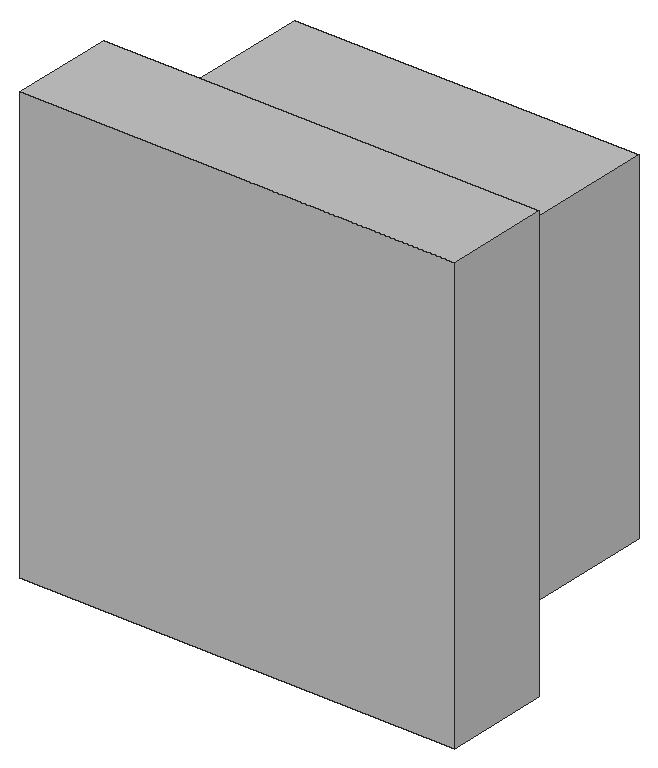
Revit family "efg-25_40kdsb2_60Hz", category 機械設備, Revit 2019
Family settings
  丸型コネクタ寸法 = 直径を使用
  パーツ タイプ = 標準
  OmniClass 番号 = 23.75.35.21.17
  OmniClass タイトル = Industrial Ventilating Equipment
  作業面ベース = いいえ
  常に垂直 = はい
  ロード時にボイドで切り取り = はい
  共有 = いいえ
  部屋計算ポイント = はい
Parameters (values of type "EFG-25KDSB2")
  騒音レベル(dB(A)) [instance] = 41
  風量 [instance] = 1210.0 m³/h
  電源種別 [instance] = ""
  電圧 = 100 V
  電動機出力 = 25 W
  電動機_種別 [instance] = ""
  運転質量 = 0.00 kg
  連動 [instance] = ""
  質量 = if(製品質量 > 運転質量, 製品質量, 運転質量) * 1.2  # 6.24 kg
  負荷分類 = 3_ファン類
  説明 = "業務用有圧換気扇 耐湿形"
  設計風量 [instance] = 0.0 m³/h
  設置方法 = "壁付"
  記号 [instance] = ""
  製造元 = "三菱電機株式会社"
  製品質量 = 5.20 kg
  製品出荷対象 = "国内"
  製品リリース年月 = "2022年6月1日"
  製品グループ = ""
  羽根径 = "∅250"
  系統 [instance] = ""
  符号 [instance] = if(☑給気／□排気, "FS", "FE")  # "FE"
  積算_科目 = ""
  積算_拾い区分 [instance] = ""
  相 = 1
  盤記号 [instance] = ""
  盤工事区分 = ""
  発停方法 [instance] = ""
  特殊仕様 [instance] = ""
  火災停止 [instance] = ""
  消費電力 = 40 W
  法定耐用年数 = "15"
  極数 = 2
  極 = 4
  材質 [instance] = ""
  操作・制御方式 = ""
  操作・制御スイッチ = ""
  排気量 [instance] = if(☑給気／□排気, 0.0 m³/h, 設計風量)  # 0.0 m³/h
  形式 = ""
  幹線記号 [instance] = ""
  対象室 [instance] = ""
  実風量 [instance] = 0.0 m³/h
  始動方式 [instance] = "直入"
  外気量 [instance] = if(☑給気／□排気, 設計風量, 0.0 m³/h)  # 0.0 m³/h
  呼称 = "有圧扇"
  周波数 = 60 Hz
  参照している仕様書等のバージョン = ""
  分類コード = "50052503100110"
  分類グループ = ""
  価格 = 75900
  企業コード = "108420"
  付属品_防振装置 = ""
  付属品 [instance] = ""
  仕様書バージョン = "Version1.0"
  モデル = "EFG-25KDSB2"
  ファンの種類 = "軸流羽根"
  コメント [instance] = ""
  Keynote = ""
  ☑給気／□排気 [instance] = no
  Width = 372 mm
  W1 = 294 mm
  Version = ""
  Uniclass2015Version = "Systems v1.9"
  Uniclass2015Title = "Propeller fans"
  Uniclass2015Code = "Pr_65_67_29_67"
  URL = "https://www.mitsubishielectric.co.jp/ldg/wink/ssl/displayProduct.do?pid=318505"
  SpecificationReference = ""
  SpecificationDescription = ""
  Revision = ""
  ProductInformation = ""
  OmniClassCode = "23-33 31 19 11 17"
  MIN風量 = 0.0 m³/h
  MID風量 = 0.0 m³/h
  MAX風量 = 1210.0 m³/h
  IfcTypeProduct = ""
  IfcProduct = ""
  IfcExportType = "TUBEAXIAL"
  IfcExportAs = "IfcFanType"
  Height = 372 mm
  H1 = 294 mm
  Depth = 245 mm
  D1 = 155 mm
  Author = "三菱電機株式会社"
Types (4, lengths in mm): name | 騒音レベル(dB(A)) | 風量 | 電動機出力 | 質量 | 製品質量 | 羽根径 | 消費電力 | 価格 | モデル | Width | W1 | URL | MAX風量 | Height | H1 | Depth | D1
  EFG-25KDSB2 | 41 | 1210.0 m³/h | 25 W | 6.24 kg | 5.20 kg | "∅250" | 40 W | 75900 | "EFG-25KDSB2" | 372 | 294 | "https://www.mitsubishielectric.co.jp/ldg/wink/ssl/displayProduct.do?pid=318505" | 1210.0 m³/h | 372 | 294 | 245 | 155
  EFG-30KDSB2 | 47 | 1850.0 m³/h | 50 W | 7.92 kg | 6.60 kg | "∅300" | 59 W | 93000 | "EFG-30KDSB2" | 422 | 344 | "https://www.mitsubishielectric.co.jp/ldg/wink/ssl/displayProduct.do?pid=318564" | 1850.0 m³/h | 422 | 344 | 265 | 155
  EFG-35KDSB2 | 50 | 2440.0 m³/h | 100 W | 12.48 kg | 10.40 kg | "∅350" | 112 W | 135000 | "EFG-35KDSB2" | 484 | 399 | "https://www.mitsubishielectric.co.jp/ldg/wink/ssl/displayProduct.do?pid=318571" | 2440.0 m³/h | 484 | 399 | 275 | 155
  EFG-40KDSB2 | 54.5 | 3600.0 m³/h | 150 W | 20.28 kg | 16.90 kg | "∅400" | 181 W | 174000 | "EFG-40KDSB2" | 520 | 423 | "https://www.mitsubishielectric.co.jp/ldg/wink/ssl/displayProduct.do?pid=318576" | 3600.0 m³/h | 520 | 423 | 341 | 159
Reference planes
  plane 1 "中心(正面/背面)": y = 0
  plane 2: z = 0
  plane 3 "中心(左/右)": x = 0
  plane 4: z = 0
  plane 5: through (-212.884, -1524, -243.751) normal (0.6508, 0, 0.7593)
  plane 6: through (208.307, -1524, -247.63) normal (-0.6508, 0, 0.7593)
  plane 7 "正面": y = -90
  plane 8: through (-208.307, -1524, -247.63) normal (-0.6508, 0, -0.7593)
  plane 9: y = 160
  plane 10: y = 260
  plane 11: x = -186
  plane 12: x = 186
  plane 13: z = 186
  plane 14: x = -147
  plane 15: z = 147
  plane 16: z = -186
  plane 17: z = -147
  plane 18: x = 147
  plane 19: y = 155
Forms (mm)
  Extrusion 1, solid, detail levels fine
    sketch origin (0, 0, 0) x (1, 0, 0) y (0, 0, 1)
      loop
        line (-186, 186) -> (-186, -186) -> (186, -186) -> (186, 186) -> (-186, 186)
    from 0 to 90
  Extrusion 2, solid, detail levels fine
    sketch origin (0, 0, 0) x (1, 0, 0) y (0, 0, 1)
      loop
        line (-147, 147) -> (-147, -147) -> (147, -147) -> (147, 147) -> (-147, 147)
    from -155 to 0
Lines and regions (mm)
  Masking region 1, detail levels coarse+medium
    outline origin (0, 0, 0) x (1, 0, 0) y (0, 1, 0)
      loop
        line (-250, -90) -> (250, -90) -> (250, 160) -> (-250, 160) -> (-250, -90)
  Masking region 2, detail levels coarse+medium
    outline origin (0, 0, 0) x (1, 0, 0) y (0, 1, 0)
      loop
        line (-124, 160) -> (124, 160) -> (124, 260) -> (-124, 260) -> (-124, 160)
  symbolic lines, detail levels coarse+medium
    curve 1: circle (124, -96, 0) r 115 normal (0, 0, 1)
    curve 2: circle (-124, -96, 0) r 115 normal (0, 0, -1)
Dimensions and locks
  level to plane 4 = 0 mm
  plane 7 "正面" to plane 9 to plane 10 = 250 mm locked, 100 mm locked
  equal spacing: plane 18, plane 3 "中心(左/右)", plane 14
  "W1": plane 18 to plane 14
  equal spacing: plane 12, plane 3 "中心(左/右)", plane 11
  "Width": plane 12 to plane 11
  equal spacing: plane 15, level, plane 17
  "H1": plane 15 to plane 17
  equal spacing: plane 13, level, plane 16
  "Height": plane 13 to plane 16
  "D1": plane 1 "中心(正面/背面)" to plane 19
  "Depth": plane 7 "正面" to plane 19
  aligned and locked: level to plane 2
  aligned and locked: plane 7 "正面" to Masking region 1 sketch curve
  aligned and locked: plane 9 to Masking region 1 sketch curve
  aligned and locked: Masking region 2 sketch curve to plane 9
  aligned and locked: plane 10 to Masking region 2 sketch curve
  aligned and locked: Extrusion 1 sketch curve to plane 13
  aligned and locked: plane 11 to Extrusion 1 sketch curve
  aligned and locked: Extrusion 1 sketch curve to plane 16
  aligned and locked: plane 12 to Extrusion 1 sketch curve
  aligned and locked: Extrusion 2 sketch curve to plane 15
  aligned and locked: plane 14 to Extrusion 2 sketch curve
  aligned and locked: Extrusion 2 sketch curve to plane 17
  aligned and locked: plane 18 to Extrusion 2 sketch curve
  aligned and locked: plane 19 to Extrusion 2
  aligned and locked: plane 1 "中心(正面/背面)" to Extrusion 2
  aligned and locked: plane 7 "正面" to Extrusion 1
  aligned and locked: Extrusion 1 to plane 1 "中心(正面/背面)"
Automatic sketch dimensions
  curve 2 to plane 3 "中心(左/右)" = 124 mm
  plane 3 "中心(左/右)" to curve 1 = 124 mm
  Masking region 1 sketch curve to plane 3 "中心(左/右)" = 250 mm
  plane 3 "中心(左/右)" to Masking region 1 sketch curve = 250 mm
  Masking region 2 sketch curve to plane 3 "中心(左/右)" = 124 mm
  plane 3 "中心(左/右)" to Masking region 2 sketch curve = 124 mm
  plane 7 "正面" to curve 2 = 6 mm
  plane 7 "正面" to curve 1 = 6 mm
  radius of curve 1 = 115 mm
  radius of curve 2 = 115 mm
Connectors
  electrical at (-186, -45, 0), driven by "極数", driven by "負荷分類", driven by "電圧", driven by "消費電力"
    settings: on Extrusion 1, index 1, voltage 100 V, apparent load 40 VA, apparent load phase1 0 VA, apparent load phase2 0 VA, apparent load phase3 0 VA, power factor 1, load classification "3_ファン類", number of poles 2, system type 30, power factor state 1, is connector primary yes, connector utility no, sub classification motor no, connector description ""
